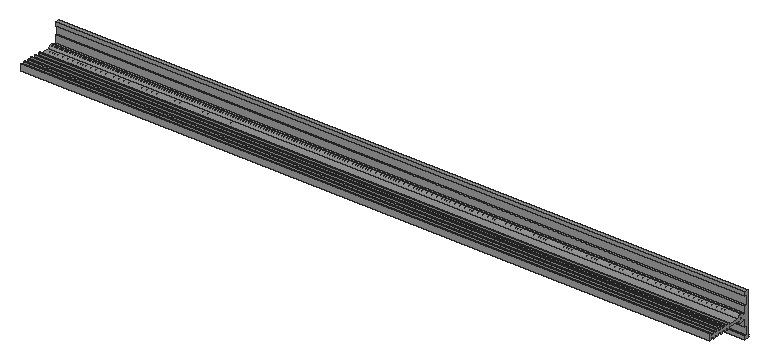
Revit family "PVC325T_3 Inch T-Shaped PVC Retrofit", category Specialty Equipment, Revit 2019
Family settings
  Round Connector Dimension = Use Diameter
  Part Type = Normal
  OmniClass Number = 23.10.00.00
  OmniClass Title = Site Products
  Work Plane-Based = No
  Cut with Voids When Loaded = No
  Shared = No
  Room Calculation Point = No
Parameters (values of type "PVC325T - Horizontal")
  z_Vertical = no
  z_Left Cut Distance [instance] = if([Left Cut 45° Tee-Cross], 0.00", 5.00")  # 5.00"
  z_Horizontal = yes
  z_Distance 3 [instance] = if(Ellbow Cut, 4.00", 15.00")  # 15.00"
  z_Distance 2 [instance] = if(and(Corner Cut, z_Vertical), 0.44", 5.00")  # 5.00"
  z_Distance 1 [instance] = if([Right Cut 45° Tee-Cross], 5.00", 10.00")  # 10.00"
  z_Distance [instance] = if([Left Cut 45° Tee-Cross], 5.00", 10.00")  # 10.00"
  z_Cut Distance [instance] = if(z_Distance 2 = 0.44", 0.44", 0.00")  # 0.00"
  Width = 3.70"
  Weight = "2 lbs/lft"
  URL = "https://www.jpspecialties.com/"
  z_Right Cut Distance [instance] = if([Right Cut 45° Tee-Cross], 0.00", 5.00")  # 5.00"
  Telephone = "951-763-7077"
  Right Cut 45° Tee-Cross [instance] = no
  Product data url = "www.bimmodeller.com/jpspecialties/products/Polyvinyl-Chloride-PVC-Waterstop"
  Product Material = JP Specialties - Polyvinyl Chloride (PVC)
  Product Guid = "27e5cdcc-cece-4d8c-947d-ca6b8ef269ba"  # constant formula
  NOTE [instance] = "Elbow Cut and Tee-Cross cuts cannot be checked at the same time"  # constant formula
  Model = "PVC325T"
  Materials = PVC
  Manufacturer = "J P Specialties Inc."  # constant formula
  built-in parameter 1001306 [instance] = 48.00"
  Left Cut 45° Tee-Cross [instance] = no
  z_Ellbow Cut Distance [instance] = if(Ellbow Cut, 0.00", 5.00")  # 5.00"
  z_Ellbow Cut Sweep Distance [instance] = if(Ellbow Cut, 5.00", 0.00")  # 0.00"
  Hydrophobic = "Yes"
  Hydrophilic = "No"
  Height = 3.25"
  Ellbow Cut [instance] = no
  Keynote = "13000"
  Edition number = 1
  Description = "PVC325T is Earth Shield PVC \"T\"-shaped retrofit waterstop."
  Corner Cut [instance] = yes
  Certifications = "NSF 61, NSF 372, CRD C-572-74, ASTM D515"
  Assembly Code = "F1030"
Types (2): name | z_Vertical | z_Horizontal | z_Distance 1 | z_Right Cut Distance | Right Cut 45° Tee-Cross | Corner Cut
  PVC325T - Horizontal | no | yes | 10.00" | 5.00" | no | yes
  PVC325T - Vertical | yes | no | 5.00" | 0.00" | yes | no
Reference planes (in)
  plane 1 "Center (Front/Back)": y = 0
  plane 2: z = 0
  plane 3 "Left": x = 0
  plane 4 "Right": x = 48
  plane 5: y = 3
  plane 6: y = -3
  plane 7: z = -3
  plane 8: z = 10
  plane 9: z = -10
  plane 10: x = 48
  plane 11: z = 15
  plane 12: x = -5
  plane 13: x = 0
  plane 14: y = 4.75
Forms (in)
  Extrusion 1, void
    sketch origin (0, 0, 0) x (1, 0, 0) y (0, 1, 0)
      loop
        line (48, 0.0059) -> (48, 6) -> (42, 6) -> (48, 0.0059)
    from 2 to 12
  Extrusion 2, void
    sketch origin (0, 0, 0) x (1, 0, 0) y (0, 1, 0)
      loop
        line (48, -1.85117) -> (48, 1.97649) -> (44.17234, 1.97649) -> (48, -1.85117)
    from 2 to 12.82911
  Extrusion 3, void
    sketch origin (0, 0, 0) x (1, 0, 0) y (0, 1, 0)
      loop
        line (48, -0.02011) -> (41.625, -6.25) -> (48, -6.25) -> (48, -0.02011)
    from 2 to 12
  Extrusion 4, void
    sketch origin (0, 0, 0) x (1, 0, 0) y (0, 0, 1)
      loop
        line (48, 4.90572) -> (48, 11.25) -> (41.65572, 11.25) -> (48, 4.90572)
    from -8.21469 to 12
  Extrusion 5, void
    sketch origin (0, 0, 0) x (1, 0, 0) y (0, 0, 1)
      loop
        line (48, -5) -> (42.0625, -10.9375) -> (48, -10.9375) -> (48, -5)
    from -8.21469 to 12
  Extrusion 6, void
    sketch origin (0, 0, 0) x (1, 0, 0) y (0, 0, 1)
      loop
        line (48, 12.85172) -> (44.21078, 9.0625) -> (48, 9.0625) -> (48, 12.85172)
    from -10.45709 to 12
  Extrusion 7, void
    sketch origin (0, 0, 0) x (1, 0, 0) y (0, 1, 0)
      loop
        line (-5, -4.5025) -> (4.2525, 4.75) -> (-5, 4.75) -> (-5, -4.5025)
    from -8.14882 to 12
  Sweep 8, solid, material "PVC" <- "Materials", visible <- "z_Horizontal"
    path origin (0, 0, 0) x (1, 0, 0) y (0, 1, 0)
      loop
        line (-5, 0.00016) -> (48, 0.00016)
    profile "PVC325T : PVC325T" origin (21.5, 0.00016, 0) x (0, 1, 0) y (0, 0, 1)
      loop
        circle (1.14867, -0.00004) r 0.125
      loop
        line (-1.75133, 0.09371) -> (-1.75133, 0.21871) -> (-1.85133, 0.21871) -> (-1.85133, 0.09371) -> (-1.85133, -0.09379) -> (-1.85133, -0.21879) -> (-1.75133, -0.21879) -> (-1.75133, -0.09379) -> (-1.50133, -0.09379) -> (-1.50133, -0.21879) -> (-1.40133, -0.21879) -> (-1.40133, -0.09379) -> (-1.15133, -0.09379) -> (-1.15133, -0.21879) -> (-1.05133, -0.21879) -> (-1.05133, -0.09379) -> (-0.80133, -0.09379) -> (-0.80133, -0.21879) -> (-0.70133, -0.21879) -> (-0.70133, -0.09379) -> (-0.45133, -0.09379) -> (-0.45133, -0.21879) -> (-0.35133, -0.21879) -> (-0.35133, -0.09379) -> (-0.10133, -0.09379) -> (-0.10133, -0.21879) -> (-0.00133, -0.21879) -> (-0.00133, -0.09379) -> (0.88351, -0.09379)
        arc (0.88351, -0.09379) -> (0.98629, -0.22968) -> (1.14867, -0.28129) r 0.28124
        arc (1.14867, -0.28129) -> (1.30952, -0.23075) -> (1.41256, -0.0973) r 0.28124
        arc (1.41256, -0.0973) -> (1.49955, -0.11434) -> (1.53883, -0.19379) r 0.1
        line (1.53883, -0.19379) -> (1.53883, -0.72504) -> (1.66383, -0.72504) -> (1.66383, -0.77504) -> (1.66383, -1.37504) -> (1.53883, -1.37504) -> (1.53883, -1.62504) -> (1.85133, -1.62504) -> (1.82008, -1.59379) -> (1.85133, -1.56254) -> (1.82008, -1.53129) -> (1.85133, -1.50004) -> (1.82008, -1.46879) -> (1.85133, -1.43754) -> (1.82008, -1.40629) -> (1.85133, -1.37504) -> (1.82008, -1.34379) -> (1.85133, -1.31254) -> (1.82008, -1.28129) -> (1.85133, -1.25004) -> (1.82008, -1.21879) -> (1.85133, -1.18754) -> (1.82008, -1.15629) -> (1.85133, -1.12504) -> (1.82008, -1.09379) -> (1.85133, -1.06254) -> (1.82008, -1.03129) -> (1.85133, -1.00004) -> (1.82008, -0.96879) -> (1.85133, -0.93754) -> (1.82008, -0.90629) -> (1.85133, -0.87504) -> (1.82008, -0.84379) -> (1.85133, -0.81254) -> (1.82008, -0.78129) -> (1.85133, -0.75004) -> (1.82008, -0.71879) -> (1.85133, -0.68754) -> (1.82008, -0.65629) -> (1.85133, -0.62504) -> (1.82008, -0.59379) -> (1.85133, -0.56254) -> (1.82008, -0.53129) -> (1.85133, -0.50004) -> (1.82008, -0.46879) -> (1.85133, -0.43754) -> (1.82008, -0.40629) -> (1.85133, -0.37504) -> (1.82008, -0.34379) -> (1.85133, -0.31254) -> (1.82008, -0.28129) -> (1.85133, -0.25004) -> (1.82008, -0.21879) -> (1.85133, -0.18754) -> (1.82008, -0.15629) -> (1.85133, -0.12504) -> (1.82008, -0.09379) -> (1.85133, -0.06254) -> (1.82008, -0.03129) -> (1.85133, -0.00004) -> (1.82008, 0.03121) -> (1.85133, 0.06246) -> (1.82008, 0.09371) -> (1.85133, 0.12496) -> (1.82008, 0.15621) -> (1.85133, 0.18746) -> (1.82008, 0.21871) -> (1.85133, 0.24996) -> (1.82008, 0.28121) -> (1.85133, 0.31246) -> (1.82008, 0.34371) -> (1.85133, 0.37496) -> (1.82008, 0.40621) -> (1.85133, 0.43746) -> (1.82008, 0.46871) -> (1.85133, 0.49996) -> (1.82008, 0.53121) -> (1.85133, 0.56246) -> (1.82008, 0.59371) -> (1.85133, 0.62496) -> (1.82008, 0.65621) -> (1.85133, 0.68746) -> (1.82008, 0.71871) -> (1.85133, 0.74996) -> (1.82008, 0.78121) -> (1.85133, 0.81246) -> (1.82008, 0.84371) -> (1.85133, 0.87496) -> (1.82008, 0.90621) -> (1.85133, 0.93746) -> (1.82008, 0.96871) -> (1.85133, 0.99996) -> (1.82008, 1.03121) -> (1.85133, 1.06246) -> (1.82008, 1.09371) -> (1.85133, 1.12496) -> (1.82008, 1.15621) -> (1.85133, 1.18746) -> (1.82008, 1.21871) -> (1.85133, 1.24996) -> (1.82008, 1.28121) -> (1.85133, 1.31246) -> (1.82008, 1.34371) -> (1.85133, 1.37496) -> (1.82008, 1.40621) -> (1.85133, 1.43746) -> (1.82008, 1.46871) -> (1.85133, 1.49996) -> (1.82008, 1.53121) -> (1.85133, 1.56246) -> (1.82008, 1.59371) -> (1.85133, 1.62496) -> (1.53883, 1.62496) -> (1.53883, 1.37496) -> (1.66383, 1.37496) -> (1.66383, 0.72496) -> (1.53883, 0.72496) -> (1.53883, 0.19371)
        arc (1.53883, 0.19371) -> (1.49955, 0.11425) -> (1.41256, 0.09722) r 0.1
        arc (1.41256, 0.09722) -> (1.30952, 0.23067) -> (1.14867, 0.28121) r 0.28124
        arc (1.14867, 0.28121) -> (0.98629, 0.2296) -> (0.88351, 0.09371) r 0.28124
        line (0.88351, 0.09371) -> (-0.00133, 0.09371) -> (-0.00133, 0.21871) -> (-0.10133, 0.21871) -> (-0.10133, 0.09371) -> (-0.35133, 0.09371) -> (-0.35133, 0.21871) -> (-0.45133, 0.21871) -> (-0.45133, 0.09371) -> (-0.70133, 0.09371) -> (-0.70133, 0.21871) -> (-0.80133, 0.21871) -> (-0.80133, 0.09371) -> (-1.05133, 0.09371) -> (-1.05133, 0.21871) -> (-1.15133, 0.21871) -> (-1.15133, 0.09371) -> (-1.40133, 0.09371) -> (-1.40133, 0.21871) -> (-1.50133, 0.21871) -> (-1.50133, 0.09371) -> (-1.75133, 0.09371)
  Sweep 9, solid, material "PVC" <- "Materials", visible <- "z_Vertical"
    path origin (0, 0, 0) x (1, 0, 0) y (0, 1, 0)
      loop
        line (-5, 0) -> (48, 0)
    profile "PVC325T : PVC325T" origin (21.5, 0, 0) x (0, 1, 0) y (0, 0, 1)
      loop
        circle (0.00047, -1.14826) r 0.125
      loop
        line (0.09397, 1.75175) -> (0.21897, 1.75176) -> (0.21896, 1.85176) -> (0.09396, 1.85175) -> (-0.09354, 1.85173) -> (-0.21854, 1.85172) -> (-0.21853, 1.75172) -> (-0.09353, 1.75173) -> (-0.09351, 1.50173) -> (-0.21851, 1.50172) -> (-0.2185, 1.40172) -> (-0.0935, 1.40173) -> (-0.09348, 1.15173) -> (-0.21848, 1.15172) -> (-0.21847, 1.05172) -> (-0.09347, 1.05173) -> (-0.09345, 0.80173) -> (-0.21845, 0.80172) -> (-0.21844, 0.70172) -> (-0.09344, 0.70173) -> (-0.09342, 0.45173) -> (-0.21842, 0.45172) -> (-0.21841, 0.35172) -> (-0.09341, 0.35173) -> (-0.09339, 0.10173) -> (-0.21839, 0.10172) -> (-0.21838, 0.00172) -> (-0.09338, 0.00173) -> (-0.09331, -0.88311)
        arc (-0.09331, -0.88311) -> (-0.22919, -0.9859) -> (-0.28078, -1.14828) r 0.28124
        arc (-0.28078, -1.14828) -> (-0.23023, -1.30913) -> (-0.09677, -1.41216) r 0.28124
        arc (-0.09677, -1.41216) -> (-0.1138, -1.49915) -> (-0.19325, -1.53844) r 0.1
        line (-0.19325, -1.53844) -> (-0.7245, -1.53848) -> (-0.72449, -1.66348) -> (-0.77449, -1.66349) -> (-1.37449, -1.66354) -> (-1.3745, -1.53854) -> (-1.6245, -1.53856) -> (-1.62447, -1.85106) -> (-1.59323, -1.81981) -> (-1.56197, -1.85105) -> (-1.53073, -1.8198) -> (-1.49947, -1.85105) -> (-1.46823, -1.8198) -> (-1.43697, -1.85104) -> (-1.40573, -1.81979) -> (-1.37447, -1.85104) -> (-1.34323, -1.81979) -> (-1.31197, -1.85103) -> (-1.28073, -1.81978) -> (-1.24947, -1.85103) -> (-1.21823, -1.81978) -> (-1.18697, -1.85102) -> (-1.15573, -1.81977) -> (-1.12447, -1.85102) -> (-1.09323, -1.81976) -> (-1.06197, -1.85101) -> (-1.03073, -1.81976) -> (-0.99947, -1.85101) -> (-0.96823, -1.81975) -> (-0.93697, -1.851) -> (-0.90573, -1.81975) -> (-0.87447, -1.851) -> (-0.84323, -1.81974) -> (-0.81197, -1.85099) -> (-0.78073, -1.81974) -> (-0.74947, -1.85098) -> (-0.71823, -1.81973) -> (-0.68697, -1.85098) -> (-0.65573, -1.81973) -> (-0.62447, -1.85097) -> (-0.59323, -1.81972) -> (-0.56197, -1.85097) -> (-0.53073, -1.81972) -> (-0.49947, -1.85096) -> (-0.46823, -1.81971) -> (-0.43697, -1.85096) -> (-0.40573, -1.81971) -> (-0.37447, -1.85095) -> (-0.34323, -1.8197) -> (-0.31197, -1.85095) -> (-0.28073, -1.81969) -> (-0.24947, -1.85094) -> (-0.21823, -1.81969) -> (-0.18697, -1.85094) -> (-0.15573, -1.81968) -> (-0.12447, -1.85093) -> (-0.09323, -1.81968) -> (-0.06197, -1.85093) -> (-0.03073, -1.81967) -> (0.00053, -1.85092) -> (0.03177, -1.81967) -> (0.06303, -1.85092) -> (0.09427, -1.81966) -> (0.12553, -1.85091) -> (0.15677, -1.81966) -> (0.18803, -1.8509) -> (0.21927, -1.81965) -> (0.25053, -1.8509) -> (0.28177, -1.81965) -> (0.31303, -1.85089) -> (0.34427, -1.81964) -> (0.37553, -1.85089) -> (0.40677, -1.81964) -> (0.43803, -1.85088) -> (0.46927, -1.81963) -> (0.50053, -1.85088) -> (0.53177, -1.81963) -> (0.56303, -1.85087) -> (0.59427, -1.81962) -> (0.62553, -1.85087) -> (0.65677, -1.81961) -> (0.68803, -1.85086) -> (0.71927, -1.81961) -> (0.75053, -1.85086) -> (0.78177, -1.8196) -> (0.81303, -1.85085) -> (0.84427, -1.8196) -> (0.87553, -1.85085) -> (0.90677, -1.81959) -> (0.93803, -1.85084) -> (0.96927, -1.81959) -> (1.00053, -1.85083) -> (1.03177, -1.81958) -> (1.06303, -1.85083) -> (1.09427, -1.81958) -> (1.12553, -1.85082) -> (1.15677, -1.81957) -> (1.18803, -1.85082) -> (1.21927, -1.81957) -> (1.25053, -1.85081) -> (1.28177, -1.81956) -> (1.31303, -1.85081) -> (1.34427, -1.81956) -> (1.37553, -1.8508) -> (1.40677, -1.81955) -> (1.43803, -1.8508) -> (1.46927, -1.81954) -> (1.50053, -1.85079) -> (1.53177, -1.81954) -> (1.56303, -1.85079) -> (1.59427, -1.81953) -> (1.62553, -1.85078) -> (1.6255, -1.53828) -> (1.3755, -1.5383) -> (1.37551, -1.6633) -> (0.72551, -1.66336) -> (0.7255, -1.53836) -> (0.19425, -1.5384)
        arc (0.19425, -1.5384) -> (0.11479, -1.49913) -> (0.09775, -1.41214) r 0.1
        arc (0.09775, -1.41214) -> (0.23119, -1.30909) -> (0.28172, -1.14824) r 0.28124
        arc (0.28172, -1.14824) -> (0.23009, -0.98586) -> (0.09419, -0.88309) r 0.28124
        line (0.09419, -0.88309) -> (0.09412, 0.00175) -> (0.21912, 0.00176) -> (0.21911, 0.10176) -> (0.09411, 0.10175) -> (0.09409, 0.35175) -> (0.21909, 0.35176) -> (0.21908, 0.45176) -> (0.09408, 0.45175) -> (0.09406, 0.70175) -> (0.21906, 0.70176) -> (0.21905, 0.80176) -> (0.09405, 0.80175) -> (0.09403, 1.05175) -> (0.21903, 1.05176) -> (0.21902, 1.15176) -> (0.09402, 1.15175) -> (0.094, 1.40175) -> (0.219, 1.40176) -> (0.21899, 1.50176) -> (0.09399, 1.50175) -> (0.09397, 1.75175)
Cuts and joins
  Extrusion 1, Extrusion 2, Extrusion 3 cuts Sweep 8
  Extrusion 4, Extrusion 5, Extrusion 6 cuts Sweep 9
Dimensions and locks (in)
  "built-in parameter 1001306": plane 3 "Left" to plane 4 "Right"
  equal spacing: plane 5, plane 1 "Center (Front/Back)", plane 6
  locked: plane 5 to plane 6 at 6
  Extrusion 1 sketch curve to plane 4 "Right" = 6.00"
  Extrusion 3 sketch curve to plane 4 "Right" = 6.375"
  locked: plane 6 to Extrusion 3 sketch curve at 2.97989
  locked: plane 8 to Extrusion 4 sketch curve at 5.09428
  locked: Extrusion 5 sketch curve to plane 9 at 5
  "z_Ellbow Cut Sweep Distance": plane 10 to plane 4 "Right"
  "z_Distance 2": plane 12 to plane 3 "Left"
  locked: plane 1 "Center (Front/Back)" to Extrusion 7 sketch curve at 4.75
  "z_Cut Distance": plane 13 to plane 3 "Left"
  locked: plane 12 to Extrusion 7 sketch curve at 9.2525
  locked: plane 5 to plane 14 at 1.75
  "z_Distance": plane 8 to level
  "z_Distance 3": plane 11 to plane 2
  level to plane 7 = 3.00"
  "z_Ellbow Cut Distance": Extrusion 2 to plane 7
  "z_Distance 1": level to plane 9
  "z_Left Cut Distance": Extrusion 3 to plane 7
  "z_Right Cut Distance": Extrusion 1 to plane 7
  Extrusion 2 sketch curve to plane 1 "Center (Front/Back)" to Extrusion 2 sketch curve = 1.85117" locked, 1.97649" locked
  plane 11 to Extrusion 6 sketch curve to Extrusion 6 sketch curve = 2.14828" locked, 3.78922" locked
  locked: Extrusion 5 sketch curve to plane 9 at 0.9375
  locked: plane 14 to Extrusion 1 sketch curve at 1.25
  locked: plane 8 to Extrusion 4 sketch curve at 1.25
  angle plane 4 "Right" to Extrusion 1 sketch curve = 45.0282°
  locked: Extrusion 3 sketch curve to plane 4 "Right" (angle 45.6596°)
  locked: plane 4 "Right" to Extrusion 4 sketch curve (angle 45.00°)
  angle Extrusion 5 sketch curve to plane 4 "Right" = 45.00°
  locked: Extrusion 7 sketch curve to plane 12 (angle 45.00°)
  locked: Extrusion 2 sketch curve to Extrusion 2 sketch curve (angle 45.00°)
  locked: Extrusion 6 sketch curve to Extrusion 6 sketch curve (angle 45.00°)
  aligned and locked: level to plane 2
  aligned and locked: Extrusion 1 sketch curve to plane 4 "Right"
  aligned and locked: Extrusion 4 sketch curve to plane 4 "Right"
  aligned and locked: plane 4 "Right" to Extrusion 5 sketch curve  (x2)
  aligned and locked: plane 12 to Sweep 8 sketch curve
  aligned and locked: plane 10 to Extrusion 3 sketch curve
  aligned and locked: plane 12 to Sweep 9 sketch curve
  aligned and locked: plane 1 "Center (Front/Back)" to Sweep 9 sketch curve
  aligned and locked: plane 10 to Sweep 9 sketch curve
  aligned and locked: plane 12 to Extrusion 7 sketch curve
  aligned and locked: plane 10 to Extrusion 2 sketch curve
  aligned and locked: plane 10 to Sweep 8 sketch curve
  aligned and locked: Extrusion 6 sketch curve to Extrusion 2
Automatic sketch dimensions
  Sweep 8 sketch curve to plane 1 "Center (Front/Back)" = 0.00016"
